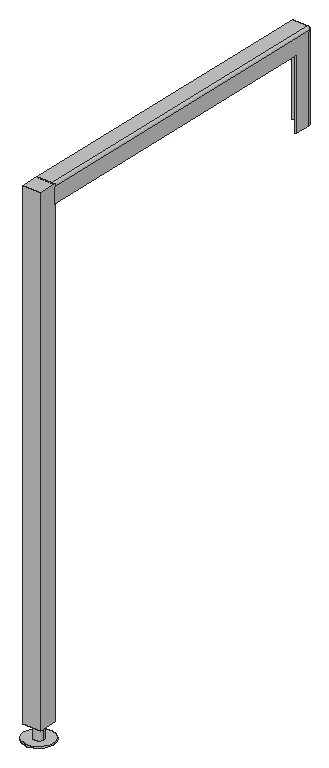
Revit family "PRD_FrankeWS_SnksSuprts_FeetForPlasterSink_SIRX838", category Plumbing Fixtures, Revit 2018
Family settings
  Round Connector Dimension = Use Diameter
  Part Type = Normal
  OmniClass Number = 23.40.20.21
  OmniClass Title = Toilet and Bath Specialties
  Work Plane-Based = No
  Always vertical = No
  Cut with Voids When Loaded = No
  Shared = Yes
  Room Calculation Point = No
Parameters (values of type "SIRX838 1pce right")
  width between 2pcs [instance] = 0 mm
  2pcs right = no
  2pcs left = no
  right = yes
  left = no
  WarrantyStartDate [instance] = "1900-12-31T23:59:59"
  WarrantyGuarantorParts = "n/a"
  WarrantyGuarantorLabor = "n/a"
  WarrantyDurationUnit = "year"
  WarrantyDurationParts = "n/a"
  WarrantyDurationLabor = "n/a"
  WarrantyDescription = "n/a"
  Version = "1"
  Uniclass2015Version = "Products v1.7"
  Uniclass2015Title = "Sink supports"
  Uniclass2015Code = "Pr_20_85_09_88"
  URL = "www.kwc.com"
  TagNumber [instance] = "n/a"
  SustainabilityPerformance = "n/a"
  Size = "n/a"
  ShapeFinish = ""
  Shape = "n/a"
  SerialNumber [instance] = "n/a"
  Revision = "n/a"
  ReplacementCost = "n/a"
  Reference = "n/a"
  ProductInformation = "https://pim.kwc.com/product/2000103301/attachment/datasheet?locale=en"
  NominalWidth = 820 mm
  NominalLength = 30 mm
  NominalHeight = 580 mm
  NetWeight = 2.80 kg
  Name = "Feet for plaster sink, SIRX838"
  NBSTypeID = "n/a"
  NBSReference = "45-35-70/347"
  NBSOfficeMasterTag = "n/a"
  NBSNote = "n/a"
  NBSDescription = "Supports for sinks"
  NBSCertification = "n/a"
  ModelReference = "SIRX838"
  ModelNumber = "2000103301"
  Model = ModelReference  # "SIRX838"
  MaterialsLegsFinishAndColour = "n/a"
  MaterialsLegsBody = "stainless steel"
  MaterialsBracketsFinishAndColour = "Satin finished"
  MaterialsBracketsBody = "Stainless steel 1.4301"
  MaterialThickness = "n/a"
  MaterialCode = "stainless steel\r\nstainless steel"
  Material = "Stainless steel"
  ManufacturerURL = "www.kwc.com"
  ManufacturerName = "KWC Group AG"  # constant formula
  Manufacturer = ManufacturerName  # "KWC Group AG"
  InstallationDate [instance] = "1900-12-31T23:59:59"
  IfcExportType = "NOTDEFINED"
  IfcExportAs = "IfcBuildingElementProxy"
  GrossWeight = 3.90 kg
  Grade = "n/a"
  Form = "n/a"
  Finish = "Satin finished"
  Features = "stainless steel"
  ExpectedLife = "n/a"
  DurationUnit = "year"
  Description = "Feet for plaster sink, stainless steel."
  Dimensions = "30 x 820 x 580 mm"
  Constituents = "n/a"
  Color = "Stainless steel"
  CodePerformance = "n/a"
  Category = "Pr_20_85_09_88, Sink supports"
  BracketMaterial = PRD_AR_StainlessSteel_SatinFinished
  BarCode [instance] = "n/a"
  BIMObjectName = "PRD_AR_SinkSupports_FeetForPlasterSink_SIRX838"
  Author = "Archispace"  # constant formula
  AssetType = "Fixed"
  AssetIdentifier [instance] = "n/a"
  AccessibilityPerformance = "n/a"
Types (4, lengths in mm): name | width between 2pcs | 2pcs right | 2pcs left | right | left
  (no name) | 0 | no | no | yes | no
  SIRX838 1pce left | 0 | no | no | no | yes
  SIRX838 1pce right | 0 | no | no | yes | no
  SIRX838 2 pieces | 1200 | yes | yes | no | no
Reference planes
  plane 1 "Center (Front/Back)": y = 0
  plane 2: z = 0
  plane 3 "Center (Left/Right)": x = 0
  plane 4: x = 0
  plane 5: x = 0
Dimensions and locks
  equal spacing: plane 4, plane 3 "Center (Left/Right)", plane 5
  "width between 2pcs": plane 4 to plane 5
  aligned and locked: level to plane 2
  aligned and locked: nested 1 to plane 4
  aligned and locked: nested 2 to plane 5
  aligned and locked: nested 3 to plane 3 "Center (Left/Right)"
  aligned and locked: nested 4 to plane 3 "Center (Left/Right)"
Nested families
  nested 1: "SIRX838 1l" at (15, 0, 0), visible <- "2pcs left", type "SIRX838"
  nested 2: "SIRX838 1r" at (-15, 0, 0), visible <- "2pcs right", type "SIRX838"
  nested 3: "SIRX838 1l" at (15, 0, 0), visible <- "left", type "SIRX838"
  nested 4: "SIRX838 1l" at (-15, 0, 0) x (-1, 0, 0) z (0, 0, 1), visible <- "right", type "SIRX838"
Definition of nested family "SIRX838 1l"
  Parameters (values of type "SIRX838")
    Material1 = none
  Reference planes
    plane 1 "Środek (Przód/Tył)": y = 0
    plane 2: z = 0
    plane 3 "Środek (Lewa/Prawa)": x = 0
    plane 4: x = 15
    plane 5: x = -15
  Forms (mm)
    Extrusion 1, solid, material <- "Material1", detail levels fine
      sketch origin (0, 0, 0) x (1, 0, 0) y (0, 1, 0)
        loop
          line (-15, -550) -> (-15, -580) -> (15, -580) -> (15, -550) -> (-15, -550)
      from 25 to 853
    Extrusion 2, solid, material <- "Material1", detail levels fine
      sketch origin (0, 0, 0) x (1, 0, 0) y (0, 1, 0)
        loop
          circle (0, -565) r 8
      from 2.5 to 25
    Extrusion 3, solid, material <- "Material1", detail levels fine
      sketch origin (0, 0, 0) x (1, 0, 0) y (0, 1, 0)
        loop
          circle (0, -565) r 25
      from 0 to 2.5
    Sweep 4, solid, material <- "Material1", detail levels coarse+medium
      path origin (0, 0, 0) x (0, 1, 0) y (0, 0, 1)
        loop
          line (-0.071, 703) -> (-0.071, 853) -> (-580, 853) -> (-580, 0)
      profile origin (0, -580, 426.5) x (1, 0, 0) y (0, 1, 0)
        loop
          line (-15, 30) -> (-15, 0) -> (15, 0) -> (15, 30) -> (-15, 30)
    Sweep 5, solid, material <- "Material1", detail levels fine
      path origin (0, 0, 0) x (0, 1, 0) y (0, 0, -1)
        loop
          line (-30.071, -703) -> (-30.071, -823) -> (-550, -823)
      profile origin (0, -290.035, 823) x (0, 0, 1) y (-1, 0, 0)
        loop
          line (-0.071, 15) -> (-0.071, 12) -> (27, 12) -> (27, -15) -> (30, -15) -> (30, 11)
          arc (30, 11) -> (28.828, 13.828) -> (26, 15) r 4
          line (26, 15) -> (-0.071, 15)
  Cuts and joins
    joined: Extrusion 2, Extrusion 3
  Dimensions and locks
    Extrusion 1 to Extrusion 1 = 828 mm
    Extrusion 1 to Extrusion 1 = 30 mm
    Extrusion 1 to plane 1 "Środek (Przód/Tył)" = 580 mm
    aligned and locked: level to plane 2
Definition of nested family "SIRX838 1r"
  Parameters (values of type "SIRX838")
    Material1 = none
    1 piece = yes
  Reference planes
    plane 1 "Środek (Przód/Tył)": y = 0
    plane 2: z = 0
    plane 3 "Środek (Lewa/Prawa)": x = 0
    plane 4: x = 15
    plane 5: x = -15
  Forms (mm)
    Extrusion 1, solid, material <- "Material1", detail levels fine
      sketch origin (0, 0, 0) x (1, 0, 0) y (0, 1, 0)
        loop
          line (-15, -550) -> (-15, -580) -> (15, -580) -> (15, -550) -> (-15, -550)
      from 25 to 853
    Sweep 2, solid, material <- "Material1", detail levels fine
      path origin (0, 0, 0) x (0, 1, 0) y (0, 0, 1)
        loop
          line (-30.071, 703) -> (-30.071, 823) -> (-550, 823)
      profile origin (0, -290.035, 823) x (0, 0, -1) y (1, 0, 0)
        loop
          line (0.071, 15) -> (-26, 15)
          arc (-26, 15) -> (-28.828, 13.828) -> (-30, 11) r 4
          line (-30, 11) -> (-30, -15) -> (-27, -15) -> (-27, 12) -> (0.071, 12) -> (0.071, 15)
    Extrusion 3, solid, material <- "Material1", detail levels fine
      sketch origin (0, 0, 0) x (1, 0, 0) y (0, 1, 0)
        loop
          circle (0, -565) r 8
      from 2.5 to 25
    Extrusion 4, solid, material <- "Material1", detail levels fine
      sketch origin (0, 0, 0) x (1, 0, 0) y (0, 1, 0)
        loop
          circle (0, -565) r 25
      from 0 to 2.5
    Sweep 5, solid, material <- "Material1", detail levels coarse+medium
      path origin (0, 0, 0) x (0, 1, 0) y (0, 0, 1)
        loop
          line (-0.071, 703) -> (-0.071, 853) -> (-580, 853) -> (-580, 0)
      profile origin (0, -580, 426.5) x (1, 0, 0) y (0, 1, 0)
        loop
          line (-15, 30) -> (-15, 0) -> (15, 0) -> (15, 30) -> (-15, 30)
  Cuts and joins
    joined: Extrusion 3, Extrusion 4
  Dimensions and locks
    Extrusion 1 to Extrusion 1 = 828 mm
    Extrusion 1 to Extrusion 1 = 30 mm
    Extrusion 1 to plane 1 "Środek (Przód/Tył)" = 580 mm
    aligned and locked: level to plane 2
